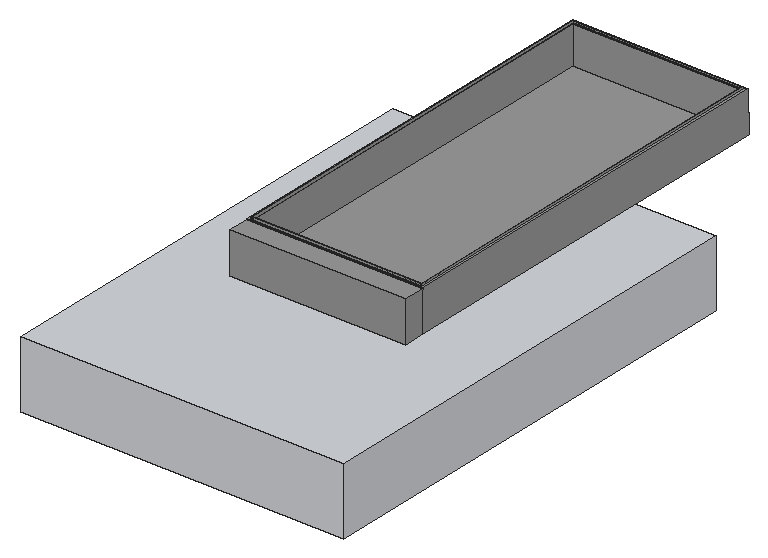
Revit family "Hager-Univers-IP30-D205-H1950-Cl.II-Encl-NoHosted-CH-de", category Equipement électrique, Revit 2020
Family settings
  Hôte = Face
  Configuration du panneau = Deux colonnes, circuits au sein
  Cote de connecteur circulaire = Utiliser le diamètre
  Type d'élément = Tableau de raccordement
  Couper avec des vides une fois chargée = Non
  Partagée = Non
  Point de calcul de pièce = Non
Parameters (values of type "Bodenaufstellung IP30 B800 H1950 T205  - FP23S1N")
  Width Control [instance] = if([EF000008 - Breite] > Min Width, [EF000008 - Breite], Min Width)  # 800 mm
  Commentaires du type = [HG000003 - Bereich]  # "Univers"
  Thickness Door [instance] = if([EF009171 - Materialstärke Tür/Deckel] > 3 mm, 3 mm, [EF009171 - Materialstärke Tür/Deckel])  # 1 mm
  Seal Frame Offset [instance] = 17 mm  # constant formula
  Plinth Visibility [instance] = [HG000027 - Sockelhöhe] > 0 mm  # yes
  Model = ""
  Min Width [instance] = 100 mm  # constant formula
  Min Height [instance] = 100 mm  # constant formula
  Min Depth [instance] = (2 * [EF009170 - Materialstärke Gehäuse]) + 1 mm  # 3 mm
  Internal Frame Depth [instance] = (Door System Depth * 0.5)  # 9 mm
  Height Control [instance] = if([EF000040 - Höhe] > Min Height, [EF000040 - Höhe], Min Height)  # 1950 mm
  HG000027 - Sockelhöhe = 100 mm
  HG000026 - Stehend auf dem Boden = yes
  HG000024 - Höhe des unteren Teils = 800 mm
  HG000023 - Gehäuse mit doppeltem Querschnitt = no
  HG000016 - 3D-Türsichtbarkeit [instance] = yes
  HG000015 - Sichtbarkeit der Türöffnung [instance] = no
  HG000014 - Tür rechts [instance] = yes
  HG000013 - Tür links [instance] = not([HG000014 - Tür rechts])  # no
  HG000012 - Türschwenkwinkel [instance] = 30.00°
  HG000010 - Asymmetrische Türen = no
  HG000009 - Doppelflügeligen Tür = no
  HG000006 - Unterputz = no
  HG000004 - Herstellerreferenz = "FP23S1N"
  HG000003 - Bereich = "Univers"
  HG000002 - Mit tür = no
  Frame Offset Bottom [instance] = 10 mm  # constant formula
  Frame Offset [instance] = 15 mm  # constant formula
  EF015940 - Deckel mit Überdruckentlastung = no
  EF011959 - Schutzart (NEMA) = ""
  EF009554 - Anzahl der Öffnungen für Flanschplatten = 6
  Fabricant = "Hager"  # constant formula
  EF009212 - Ausführung Deckel = "EV009916 - mit Ausschnitt"
  EF009171 - Materialstärke Tür/Deckel = 1 mm
  EF009170 - Materialstärke Gehäuse = 1 mm
  EF008873 - Nennstrom (In) = 400 A
  EF007800 - Geeignet für Blitzschutz = no
  EF006306 - Mit Schloss = no
  EF006244 - Transparenter Deckel/Tür = no
  EF005474 - Schutzart (IP) = "EV006410 - IP30"
  EF004464 - Art der Tür = "EV000494 - ohne"
  EF004427 - Anzahl der Module = 432
  EF004293 - Schlagfestigkeit = "EV006813 - IK07"
  EF003532 - Geeignet für Außengebrauch = no
  EF002950 - Breite in Teilungseinheiten = 36
  EF001613 - Funktionserhalt = "EV000494 - ohne"
  EF001596 - Werkstoff des Gehäuses = "EV000179 - Stahl"
  EF001131 - Innentiefe = 130 mm
  EF001088 - Anbaumöglichkeit = yes
  EF000437 - Anzahl der Leitungseinführungen = 6
  EF000339 - Art der Abdeckung = "EV000494 - ohne"
  EF000266 - Anzahl der Reihen = 12
  EF000218 - Einbautiefe = 0 mm
  EF000118 - Mit Montageplatte = no
  EF000116 - RAL-Nummer = "9010"
  EF000049 - Tiefe = 205 mm
  EF000040 - Höhe = 1950 mm
  EF000008 - Breite = 800 mm
  EF000007 - Farbe = "EV000202 - weiß"
  EF000003 - Montageart = "EV012274 - Bodenaufstellung"
  Door System Leaf Tolerance [instance] = 1.5 mm  # constant formula
  Door System Depth [instance] = 18 mm  # constant formula
  Door Height [instance] = Height Control - [HG000027 - Sockelhöhe]  # 1850 mm
  Depth Control [instance] = if([EF000049 - Tiefe] > Min Depth, [EF000049 - Tiefe], Min Depth)  # 205 mm
  Default Elevation = 0 mm
  Connector Offset [instance] = Height Control / 2  # 975 mm
  Bottom Top Plate Trim [instance] = 1.5 mm  # constant formula
  Plinth height Ctrl [instance] = if([HG000027 - Sockelhöhe] > 0 mm, [HG000027 - Sockelhöhe], 12 mm)  # 100 mm
Types (5, lengths in mm): name | Width Control | HG000004 - Herstellerreferenz | EF009554 - Anzahl der Öffnungen für Flanschplatten | EF008873 - Nennstrom (In) | EF004427 - Anzahl der Module | EF002950 - Breite in Teilungseinheiten | EF000437 - Anzahl der Leitungseinführungen | EF000008 - Breite
  Bodenaufstellung IP30 B1050 H1950 T205  - FP24S1N | 1050 | "FP24S1N" | 8 | 400 A | 576 | 48 | 8 | 1050
  Bodenaufstellung IP30 B1300 H1950 T205  - FP25S1N | 1300 | "FP25S1N" | 10 | 400 A | 720 | 60 | 10 | 1300
  Bodenaufstellung IP30 B300 H1950 T205  - FP21S1N | 300 | "FP21S1N" | 2 | 250 A | 144 | 12 | 2 | 300
  Bodenaufstellung IP30 B550 H1950 T205  - FP22S1N | 550 | "FP22S1N" | 4 | 400 A | 288 | 24 | 4 | 550
  Bodenaufstellung IP30 B800 H1950 T205  - FP23S1N | 800 | "FP23S1N" | 6 | 400 A | 432 | 36 | 6 | 800
Reference planes
  plane 1 "Center (Front/Back)": y = 0
  plane 2: z = 0
  plane 3 "Center (Left/Right)": x = 0
  plane 4: z = 205
  plane 5: y = 101
  plane 6: y = 1025
  plane 7: y = 100
  plane 8: y = 1950
  plane 9: z = 0
  plane 10: x = -385
  plane 11: x = 385
  plane 12: x = 384
  plane 13: x = -384
  plane 14: y = 1949
  plane 15: x = -383
  plane 16: x = -400
  plane 17: x = 383
  plane 18: x = 400
  plane 19: x = 399
  plane 20: x = -399
  plane 21: y = 111
  plane 22: y = 1950
  plane 23: y = 1934
  plane 24: z = 187
  plane 25: z = 1
  plane 26: z = 186
  plane 27: z = 204
Forms (mm)
  Extrusion 1, solid
    sketch origin (0, 0, 0) x (1, 0, 0) y (0, 1, 0)
      loop
        line (-702.964, 1305) -> (-702.964, -811.445) -> (766.763, -811.445) -> (766.763, 1305) -> (-702.964, 1305)
    from 0 to -304.8
  Extrusion 2, solid, material "Hager_Steel_RAL7035_Light_Grey", visible <- "Plinth Visibility", detail levels medium+fine
    sketch origin (0, 0, 0) x (1, 0, 0) y (0, 1, 0)
      loop
        line (-400, 0) -> (400, 0) -> (400, 100) -> (-400, 100) -> (-400, 0)
    from 0 to 187
  Extrusion 3, solid, material "Hager_Steel_RAL7035_Light_Grey", detail levels medium+fine
    sketch origin (0, 0, 0) x (1, 0, 0) y (0, 1, 0)
      loop
        line (-400, 100) -> (400, 100) -> (400, 1950) -> (-400, 1950) -> (-400, 100)
    from 0 to 187
  Extrusion 4, void
    sketch origin (0, 0, 0) x (1, 0, 0) y (0, 1, 0)
      loop
        line (-399, 101) -> (399, 101) -> (399, 1949) -> (-399, 1949) -> (-399, 101)
    from 1 to 186
  Extrusion 5, void
    sketch origin (-381.607, -4572, 187) x (0, -1, 0) y (-1, 0, 0)
      loop
        line (-4683, 2.393) -> (-6506, 2.393) -> (-6506, -765.607) -> (-4683, -765.607) -> (-4683, 2.393)
    from 0 to 1 <- "EF009170 - Materialstärke Gehäuse"
  Extrusion 6, solid, material "Hager_Steel_RAL7035_Light_Grey", detail levels fine
    sketch origin (0, 0, 187) x (1, 0, 0) y (0, 1, 0)
      loop
        line (-384, 1934) -> (-384, 111) -> (384, 111) -> (384, 1934) -> (-384, 1934)
      loop
        line (-385, 110) -> (385, 110) -> (385, 1935) -> (-385, 1935) -> (-385, 110)
    from 0 to 9 <- "Internal Frame Depth"
  Extrusion 7, solid, material "Hager_Steel_RAL7035_Light_Grey", detail levels coarse
    sketch origin (0, 0, 0) x (1, 0, 0) y (0, 1, 0)
      loop
        line (-400, 0) -> (400, 0) -> (400, 1950) -> (-400, 1950) -> (-400, 0)
    from 0 to 205
  Sweep 8, void
    path in 3D
      loop
        line (-400, 100, 0) -> (400, 100, 0) -> (400, 100, 187) -> (-400, 100, 187) -> (-400, 100, 0)
    profile origin (-400, 100, 93.5) x (-1, 0, 0) y (0, -1, 0)
      loop
        line (0, 0) -> (0, 1.5) -> (-1.5, 1.5)
        arc (-1.5, 1.5) -> (-1.061, 0.439) -> (0, 0) r 1.5
Cuts and joins
  Extrusion 4, Extrusion 5 cuts Extrusion 3
  Sweep 8 cuts Extrusion 2
Lines and regions (mm)
  Masking region 1
    outline origin (0, 0, 0) x (1, 0, 0) y (0, 0, 1)
      loop
        line (-400, 205) -> (-400, 0) -> (400, 0) -> (400, 205) -> (-400, 205)
  Masking region 2, detail levels medium+fine
    outline origin (0, 140, 0) x (0, 1, 0) y (0, 0, 1)
      loop
        line (-40, 0) -> (1810, 0) -> (1810, 187) -> (-40, 187) -> (-40, 0)
  Masking region 3, not visible, detail levels medium+fine
    outline origin (0, 297.922, 0) x (0, 1, 0) y (0, 0, 1)
      loop
        line (738.578, 0) -> (778.578, 0) -> (778.578, 194)
        arc (778.578, 194) -> (775.649, 201.071) -> (768.578, 204) r 10
        line (768.578, 204) -> (738.578, 204) -> (738.578, 0)
  Masking region 4, detail levels coarse
    outline origin (0, 0, 180) x (0, 1, 0) y (0, 0, 1)
      loop
        line (0, -180) -> (1950, -180) -> (1950, 25) -> (0, 25) -> (0, -180)
  Masking region 5, visible <- "Plinth Visibility", detail levels medium+fine
    outline origin (0, 52.24, 12.345) x (0, 0, -1) y (0, 1, 0)
      loop
        line (10.845, 47.76) -> (-173.155, 47.76)
        arc (-173.155, 47.76) -> (-173.594, 46.699) -> (-174.655, 46.26) r 1.5
        line (-174.655, 46.26) -> (-174.655, -52.24) -> (12.345, -52.24) -> (12.345, 46.26)
        arc (12.345, 46.26) -> (11.285, 46.699) -> (10.845, 47.76) r 1.5
  Masking region 6, detail levels medium+fine
    outline origin (-381.607, -4572, 187) x (-1, 0, 0) y (0, -1, 0)
      loop
        line (18.393, -6522) -> (18.393, -4672) -> (-781.607, -4672) -> (-781.607, -6522) -> (18.393, -6522)
  Masking region 7, visible <- "Plinth Visibility", detail levels medium+fine
    outline origin (-381.607, -4727, 187) x (-1, 0, 0) y (0, -1, 0)
      loop
        arc (16.893, -4827) -> (17.332, -4825.939) -> (18.393, -4825.5) r 1.5
        line (18.393, -4825.5) -> (18.393, -4727) -> (-781.607, -4727) -> (-781.607, -4825.5)
        arc (-781.607, -4825.5) -> (-780.546, -4825.939) -> (-780.107, -4827) r 1.5
        line (-780.107, -4827) -> (16.893, -4827)
  Masking region 8, detail levels coarse
    outline origin (-442.548, -4669.526, 187) x (-1, 0, 0) y (0, -1, 0)
      loop
        line (-42.548, -6619.526) -> (-42.548, -4669.526) -> (-842.548, -4669.526) -> (-842.548, -6619.526) -> (-42.548, -6619.526)
  sketch lines
    curve 1: line (-400, 100, 187) -> (-400, 100, 0)
    curve 2: line (400, 100, 187) -> (-400, 100, 187)
    curve 3: line (400, 100, 187) -> (400, 100, 0)
    curve 4: line (-400, 100, 0) -> (400, 100, 0)
Dimensions and locks
  "Depth Control": plane 4 to Extrusion 1
  "HG000027 - Sockelhöhe": plane 1 "Center (Front/Back)" to plane 7
  "EF009170 - Materialstärke Gehäuse": plane 5 to plane 7
  locked: connector elem to plane 3 "Center (Left/Right)"
  equal spacing: plane 8, plane 6, plane 7
  locked: connector elem to plane 6
  "EF009170 - Materialstärke Gehäuse": plane 8 to plane 14
  "EF009170 - Materialstärke Gehäuse": plane 10 to plane 13
  "EF009170 - Materialstärke Gehäuse": plane 12 to plane 11
  "Frame Offset": plane 20 to plane 13
  "Frame Offset": plane 12 to plane 19
  "EF009170 - Materialstärke Gehäuse": plane 16 to plane 20
  "EF009170 - Materialstärke Gehäuse": plane 19 to plane 18
  "Seal Frame Offset": plane 16 to plane 15
  "Seal Frame Offset": plane 17 to plane 18
  "Frame Offset Bottom": plane 21 to plane 5
  "Frame Offset": plane 14 to plane 23
  equal spacing: plane 16, plane 3 "Center (Left/Right)", plane 18
  "Width Control": plane 16 to plane 18
  "EF009170 - Materialstärke Gehäuse": plane 4 to plane 27
  "EF009170 - Materialstärke Gehäuse": plane 24 to plane 26
  "EF009170 - Materialstärke Gehäuse": plane 25 to level
  "Door System Depth": plane 4 to plane 24
  "Height Control": plane 1 "Center (Front/Back)" to Extrusion 7 sketch curve
  "Height Control": Masking region 4 sketch curve to plane 1 "Center (Front/Back)"
  "Height Control": plane 1 "Center (Front/Back)" to plane 22
  "Bottom Top Plate Trim": profile plane to Sweep 8 sketch curve
  "Bottom Top Plate Trim": Sweep 8 sketch curve to profile plane
  "Plinth height Ctrl": plane 1 "Center (Front/Back)" to Extrusion 2 sketch curve
  "Plinth height Ctrl": Masking region 5 sketch curve to plane 1 "Center (Front/Back)"
  "Plinth height Ctrl": plane 1 "Center (Front/Back)" to Masking region 7 sketch curve
  "Thickness Door": Extrusion 6 sketch curve to Extrusion 6 sketch curve  (x3)
  "Thickness Door": cut or joined group of Extrusion 3, Extrusion 4, Extrusion 5 to Extrusion 6 sketch curve
  radius of Masking region 3 sketch curve = 10 mm
  "Bottom Top Plate Trim": radius of Masking region 5 sketch curve  (x2)
  "Bottom Top Plate Trim": radius of Sweep 8 sketch curve
  "Bottom Top Plate Trim": radius of Masking region 7 sketch curve  (x2)
  aligned and locked: plane 2 to Extrusion 1
  aligned and locked: level to Extrusion 1
  aligned and locked: level to Masking region 1 sketch curve
  aligned and locked: Masking region 1 sketch curve to plane 18
  aligned and locked: Masking region 1 sketch curve to plane 16
  aligned and locked: plane 7 to Masking region 2 sketch curve
  aligned and locked: level to Masking region 3 sketch curve
  aligned and locked: Masking region 3 sketch curve to plane 27
  aligned and locked: level to Masking region 2 sketch curve
  aligned and locked: plane 1 "Center (Front/Back)" to Extrusion 2 sketch curve
  aligned and locked: Extrusion 3 sketch curve to plane 7
  aligned and locked: plane 16 to Extrusion 3 sketch curve
  aligned and locked: plane 18 to Extrusion 3 sketch curve
  aligned and locked: plane 20 to Extrusion 4 sketch curve
  aligned and locked: plane 19 to Extrusion 4 sketch curve
  aligned and locked: Extrusion 4 sketch curve to plane 5
  aligned and locked: Extrusion 4 to plane 25
  aligned and locked: plane 26 to Extrusion 4
  aligned and locked: plane 24 to Extrusion 3
  aligned and locked: Extrusion 5 sketch curve to plane 21
  aligned and locked: Extrusion 5 sketch curve to plane 13
  aligned and locked: Extrusion 5 sketch curve to plane 12
  aligned and locked: plane 18 to Extrusion 7 sketch curve
  aligned and locked: plane 1 "Center (Front/Back)" to Extrusion 7 sketch curve
  aligned and locked: plane 16 to Extrusion 7 sketch curve
  aligned and locked: plane 4 to Extrusion 7
  aligned and locked: Extrusion 7 to level
  aligned and locked: level to Masking region 4 sketch curve
  aligned and locked: Masking region 4 sketch curve to plane 1 "Center (Front/Back)"
  aligned and locked: Masking region 4 sketch curve to plane 4
  aligned and locked: nested 1 to level
  aligned and locked: nested 1 to plane 16
  aligned and locked: plane 8 to Extrusion 3 sketch curve
  aligned and locked: plane 23 to Extrusion 5 sketch curve
  aligned and locked: plane 14 to Extrusion 4 sketch curve
  aligned and locked: Masking region 2 sketch curve to plane 8
  aligned and locked: level to Masking region 5 sketch curve
  aligned and locked: plane 16 to Extrusion 2 sketch curve
  aligned and locked: plane 18 to Extrusion 2 sketch curve
  aligned and locked: Masking region 5 sketch curve to plane 24
  aligned and locked: Masking region 2 sketch curve to plane 24
  aligned and locked: plane 24 to Extrusion 2
  aligned and locked: profile plane to Sweep 8 sketch curve  (x2)
  aligned and locked: Masking region 6 sketch curve to plane 18
  aligned and locked: Masking region 6 sketch curve to plane 22
  aligned and locked: Masking region 6 sketch curve to plane 16
  aligned and locked: plane 8 to plane 22
  aligned and locked: Masking region 6 sketch curve to plane 7
  aligned and locked: Masking region 7 sketch curve to plane 16
  aligned and locked: Masking region 7 sketch curve to plane 1 "Center (Front/Back)"
  aligned and locked: Masking region 7 sketch curve to plane 18
  aligned and locked: Masking region 8 sketch curve to plane 1 "Center (Front/Back)"
  aligned and locked: Masking region 8 sketch curve to plane 18
  aligned and locked: Masking region 8 sketch curve to plane 22
  aligned and locked: Masking region 8 sketch curve to plane 16
  aligned and locked: nested 2 to plane 7
  aligned and locked: plane 3 "Center (Left/Right)" to nested 2
  aligned and locked: nested 2 to plane 24
  aligned and locked: Extrusion 6 sketch curve to cut or joined group of Extrusion 3, Extrusion 4, Extrusion 5  (x4)
Automatic sketch dimensions
  Extrusion 1 sketch curve to Extrusion 1 sketch curve = 1469.727 mm
  Extrusion 1 sketch curve to Extrusion 1 sketch curve = 2116.445 mm
  Masking region 1 sketch curve to plane 4 = 0 mm
  plane 6 to Masking region 3 sketch curve = 11.5 mm
  Masking region 3 sketch curve to Masking region 3 sketch curve = 30 mm
  Masking region 5 sketch curve to plane 1 "Center (Front/Back)" = 0 mm
Nested families
  nested 1: "Hager_Enclosure_Symbol" at (-400, 0, 0) x (1, 0, 0) z (0, -1, 0), Height <- "Depth Control", Width <- "Width Control", type "Hager_Enclosure_Symbol"
    with Width_Ctrl 800 mm, Width 800 mm, Height_Ctrl 205 mm, Height 205 mm, A_Width_Int 13.453 mm, A_Width 161.438 mm, A_Height_Ctrl 179.375 mm, A_Height 179.375 mm
  nested 2: "EC000058_Univers_Door" at (0, 100, 187) x (1, 0, 0) z (0, 1, 0), Leaf_Tolerance <- "Door System Leaf Tolerance", Angle <- "HG000012 - Türschwenkwinkel", Door_Depth <- "Door System Depth", Door_Left <- "HG000013 - Tür links", Transparent <- "EF006244 - Transparenter Deckel/Tür", Assymetrical <- "HG000010 - Asymmetrische Türen", Width <- "Width Control", Clearance <- "HG000015 - Sichtbarkeit der Türöffnung", Double <- "HG000009 - Doppelflügeligen Tür", 3d_Door <- "HG000016 - 3D-Türsichtbarkeit", Lock_Visibility <- "EF006306 - Mit Schloss", Width_Ctrl <- "Width Control", Door_Right <- "HG000014 - Tür rechts", Door <- "HG000002 - Mit tür", Height <- "Door Height", Thickness <- "Thickness Door", type "EC000058_Univers_Door", detail levels medium+fine
    with min_wh 3 mm, Width_Ctrl 800 mm, Width 800 mm, Transparent no, Thickness 1 mm, Seal_Material Hager_Rubber, Lock_Visibility no, Lock_Material Hager_Plastic_RAL9005_Jet_Black, Leaf_Width 800 mm, Leaf_Tolerance_External_Sides 0 mm, Leaf_Tolerance 1.5 mm, Leaf_Offset 0 mm, Leaf_Height 1847 mm, Leaf_2_Width 800 mm, Leaf_2_Offset 400 mm, Leaf_1_Width 800 mm, Leaf_1_Offset 400 mm, Height_Ctrl 1850 mm, Height 1850 mm, Glass_Material Hager_Glass, Double_Clearance_Ctrl no, Double no, Door_Right_Ctrl no, Door_Right yes, Door_Material Hager_Steel_RAL7035_Light_Grey, Door_Left_Ctrl no, Door_Left no, Door_Depth 18 mm, Door no, Clearance_Material Hager_Clearance, Clearance_Depth 800 mm, Clearance_Ctrl no, Clearance no, Assymetrical no, Angle 30.00°, 3d_Door yes
Connectors
  electrical at (0, 1025, 0)
    settings: on plane 9, index 1, voltage 0 V, apparent load 0 VA, apparent load phase1 0 VA, apparent load phase2 0 VA, apparent load phase3 0 VA, power factor 1, load classification "Other", number of poles 1, system type 30, power factor state 1, is connector primary yes, connector utility no, sub classification motor no, connector description ""
Definition of nested family "Hager_Enclosure_Symbol"
  Parameters (values of type "Hager_Enclosure_Symbol")
    Width_Ctrl [instance] = if(Width > 1 mm, Width, 1 mm)  # 102.27 mm
    Width [instance] = 102.27 mm
    Height_Ctrl [instance] = if(Height > 1 mm, Height, 1 mm)  # 66.5 mm
    A_Width_Int [instance] = if(A_Width / 12 > 2 mm, A_Width / 12, 2 mm)  # 4.364 mm
    A_Width [instance] = if(A_Height_Ctrl * 0.9 > 2 mm, A_Height_Ctrl * 0.9, 2 mm)  # 52.369 mm
    A_Height_Ctrl [instance] = if(A_Height > 2 mm, A_Height, 2 mm)  # 58.188 mm
    Height [instance] = 66.5 mm
    A_Height [instance] = Height - (Height / 8)  # 58.188 mm
  Reference planes
    plane 1 "Centre (avant/arrière)": y = 0
    plane 2: z = 0
    plane 3 "Centre (gauche/droite)": x = 0
    plane 4: x = 52.369
    plane 5: y = 33.042
    plane 6: y = 41.77
    plane 7: y = 66.5
    plane 8: x = 26.184
    plane 9: y = 37.406
    plane 10: x = 102.27
    plane 11: y = 66.5
    plane 12: y = 8.313
  Lines and regions (mm)
    Filled region 1, type "Solid_Black", in view "Niveau de réf."
      outline origin (0, 0, 0) x (1, 0, 0) y (0, 1, 0)
        loop
          line (52.369, 66.5) -> (33.188, 54.536) -> (45.365, 45.006) -> (52.369, 66.5)
    Filled region 2, type "Solid_Black", in view "Niveau de réf."
      outline origin (0, 0, 0) x (1, 0, 0) y (0, 1, 0)
        loop
          line (0, 0) -> (102.27, 0) -> (102.27, 66.5) -> (0, 0)
    detail lines, in view "Niveau de réf."
      curve 1: line (0, 8.313, 0) -> (26.184, 41.77, 0)
      curve 2: line (26.184, 41.77, 0) -> (26.184, 33.042, 0)
      curve 3: line (26.184, 33.042, 0) -> (52.369, 66.5, 0)
  Dimensions and locks
    "A_Width": plane 3 "Centre (gauche/droite)" to plane 4
    equal spacing: plane 3 "Centre (gauche/droite)", plane 8, plane 4
    equal spacing: plane 6, plane 9, plane 5
    equal spacing: curve 3, Filled region 1 sketch curve, Filled region 1 sketch curve
    "Height_Ctrl": plane 1 "Centre (avant/arrière)" to plane 11
    "A_Height_Ctrl": plane 11 to plane 12
    equal spacing: plane 11, plane 9, plane 12
    "A_Width_Int": plane 6 to plane 9
    "Width_Ctrl": plane 3 "Centre (gauche/droite)" to plane 10
    angle Filled region 1 sketch curve to curve 3 = 20.00°
    angle curve 3 to Filled region 1 sketch curve = 20.00°
    locked: curve 3 to Filled region 1 sketch curve (angle 90.00°)
    aligned and locked: plane 10 to Filled region 2
    aligned and locked: plane 11 to Filled region 2 sketch curve
    aligned and locked: plane 10 to Filled region 2 sketch curve
    aligned and locked: plane 3 "Centre (gauche/droite)" to curve 1
    aligned and locked: plane 12 to curve 1
    aligned and locked: plane 7 to plane 11
  Automatic sketch dimensions
    Filled region 1 sketch curve to plane 4 = 0 mm
    Filled region 1 sketch curve to plane 7 = 0 mm
    plane 1 "Centre (avant/arrière)" to Filled region 2 sketch curve = 0 mm
    Filled region 2 sketch curve to plane 3 "Centre (gauche/droite)" = 0 mm
    curve 2 to plane 6 = 0 mm
    curve 2 to plane 8 = 0 mm
    curve 3 to plane 4 = 0 mm
    curve 2 to plane 5 = 0 mm
    curve 3 to plane 7 = 0 mm
Definition of nested family "EC000058_Univers_Door"
  Parameters (values of type "EC000058_Univers_Door")
    min_wh [instance] = (2 * Thickness) + 1 mm  # 11 mm
    Width_Ctrl [instance] = 400 mm
    Width [instance] = 500 mm
    Transparent [instance] = yes
    Thickness [instance] = 5 mm
    Seal_Material [instance] = none
    Lock_Visibility [instance] = yes
    Lock_Material [instance] = none
    Leaf_Width [instance] = if((Width_Ctrl - 2 * Leaf_Tolerance_External_Sides) > 0 mm, (Width_Ctrl - 2 * Leaf_Tolerance_External_Sides), min_wh)  # 400 mm
    Leaf_Tolerance_External_Sides [instance] = 0 mm  # constant formula
    Leaf_Tolerance [instance] = 1.5 mm
    Leaf_Offset [instance] = 0 mm  # constant formula
    Leaf_Height [instance] = if((Height_Ctrl - 2 * Leaf_Tolerance) > 0 mm, (Height_Ctrl - 2 * Leaf_Tolerance), min_wh)  # 497 mm
    Leaf_2_Width [instance] = if(and(and(Double, Assymetrical), Door_Left), (Leaf_Width / 3) - (Leaf_Tolerance / 2), if(and(and(Double, Assymetrical), Door_Right), (Leaf_Width / 3) * 2 - (Leaf_Tolerance / 2), if(and(Double, not(Assymetrical)), (Leaf_Width / 2) - Leaf_Tolerance, Leaf_Width)))  # 400 mm
    Leaf_2_Offset [instance] = if(and(Double, Assymetrical), Leaf_2_Width / 2, if(and(Double, not(Assymetrical)), Leaf_Width / 4, Leaf_Width / 2))  # 200 mm
    Leaf_1_Width [instance] = if(and(and(Double, Assymetrical), Door_Right), (Leaf_Width / 3) - (Leaf_Tolerance / 2), if(and(and(Double, Assymetrical), Door_Left), (Width / 3) * 2 - (Leaf_Tolerance / 2), if(and(Double, not(Assymetrical)), (Leaf_Width / 2) - Leaf_Tolerance, Leaf_Width)))  # 400 mm
    Leaf_1_Offset [instance] = if(and(Double, Assymetrical), Leaf_1_Width / 2, if(and(Double, not(Assymetrical)), Leaf_Width / 4, Leaf_Width / 2))  # 200 mm
    Height_Ctrl [instance] = if(Height > min_wh, Height, min_wh)  # 500 mm
    Height [instance] = 500 mm
    Glass_Material [instance] = none
    Double_Clearance_Ctrl [instance] = and(Double, Clearance)  # no
    Double [instance] = no
    Door_Right_Ctrl [instance] = and(or(Door_Right, Double), Door)  # yes
    Door_Right [instance] = yes
    Door_Material [instance] = none
    Door_Left_Ctrl [instance] = and(or(Door_Left, Double), Door)  # no
    Door_Left [instance] = no
    Door_Depth [instance] = 30 mm
    Door [instance] = yes
    Default Elevation = 1219.2 mm
    Clearance_Material [instance] = none
    Clearance_Depth [instance] = if(Leaf_1_Width > Leaf_2_Width, Leaf_1_Width, Leaf_2_Width)  # 400 mm
    Clearance_Ctrl [instance] = and(not(Double), Clearance)  # yes
    Clearance [instance] = yes
    Assymetrical [instance] = yes
    Angle [instance] = 30.00°
    3d_Door [instance] = yes
  Reference planes
    plane 1 "Center (Front/Back)": y = 0
    plane 2 "Bottom": z = 0
    plane 3 "Center (Left/Right)": x = 0
    plane 4: z = 500
    plane 5: x = -200
    plane 6: x = 200
    plane 7: z = 500
    plane 8: x = -200
    plane 9: z = 0
    plane 10: x = 200
    plane 11: y = 0
    plane 12: z = 1.5
    plane 13: x = -600
    plane 14: y = -400
    plane 15: x = 600
    plane 16: x = 0
    plane 17: x = 0
    plane 18: x = -200
    plane 19: x = 200
    plane 20: z = 498.5
  Forms (mm)
    Extrusion 1, solid, material <- "Clearance_Material", visible <- "Double_Clearance_Ctrl"
      sketch origin (1200, 0, 0) x (1, 0, 0) y (0, 0, -1)
        loop
          line (-1800, -498.5) -> (-600, -498.5) -> (-600, 0) -> (-1800, 0) -> (-1800, -498.5)
      from 0 to -400
  Dimensions and locks
    equal spacing: plane 5, plane 3 "Center (Left/Right)", plane 6
    "Width_Ctrl": plane 5 to plane 6
    "Leaf_Offset": plane 5 to plane 8
    "Leaf_Offset": plane 6 to plane 10
    "Leaf_Offset": plane 9 to level
    "Leaf_Offset": plane 4 to plane 7
    "Height_Ctrl": plane 4 to level
    "Leaf_Tolerance": plane 12 to plane 9
    locked: plane 11 to plane 1 "Center (Front/Back)"
    "Leaf_1_Offset": plane 18 to plane 16
    "Leaf_2_Offset": plane 17 to plane 19
    "Leaf_1_Width": plane 13 to plane 8
    "Leaf_2_Width": plane 10 to plane 15
    "Clearance_Depth": plane 14 to plane 1 "Center (Front/Back)"
    "Leaf_Tolerance_External_Sides": plane 8 to plane 18
    "Leaf_Tolerance_External_Sides": plane 19 to plane 10
    "Leaf_Tolerance": plane 7 to plane 20
    aligned and locked: level to plane 2 "Bottom"
    aligned and locked: nested 1 to plane 16
    aligned and locked: nested 2 to plane 17
    aligned and locked: Extrusion 1 to plane 13
    aligned and locked: plane 15 to Extrusion 1
    aligned and locked: Extrusion 1 to plane 14
    aligned and locked: plane 12 to nested 1
    aligned and locked: nested 2 to plane 12
    aligned and locked: Extrusion 1 to plane 11
    aligned and locked: plane 20 to Extrusion 1
    aligned and locked: nested 2 to plane 11
    aligned and locked: nested 1 to plane 11
  Automatic sketch dimensions
    Extrusion 1 sketch curve to level = 0 mm
    plane 5 to Extrusion 1 sketch curve = 400 mm
    plane 6 to Extrusion 1 sketch curve = 400 mm
    Extrusion 1 sketch curve to plane 4 = 1.5 mm
  Nested families
    nested 1: "EC000058_Univers_Door_Leaf" at (0, 0, 1.5), Width <- "Leaf_1_Width", visible <- "Door_Left_Ctrl", Leaf_Height <- "Leaf_Height", Angle <- "Angle", 3d_Door <- "3d_Door", Transparent <- "Transparent", Clearance Material <- "Clearance_Material", Clearance <- "Clearance_Ctrl", Door_Material <- "Door_Material", Glass_Material <- "Glass_Material", Door_Depth <- "Door_Depth", Lock_Material <- "Lock_Material", Seal_Material <- "Seal_Material", Lock_Visibility <- "Lock_Visibility", Thickness <- "Thickness", type "EC000058_Univers_Door_Leaf"
      with Width 400 mm, Transparent_Glass_Offset 30 mm, Transparent_Ctrl yes, Transparent yes, Thickness 5 mm, Standard no, Seal_Material none, Seal_D2 8 mm, Seal_D1 1 mm, Offset_Internal_Frame 10 mm, Lock_Width 20 mm, Lock_Visibility_3d yes, Lock_Visibility yes, Lock_Thickness_3 3 mm, Lock_Thickness_2 1 mm, Lock_Thickness_1 3 mm, Lock_Radius_Offset_2 16 mm, Lock_Radius_Offset_1 15 mm, Lock_Radius_2 5 mm, Lock_Radius 6 mm, Lock_Offset 5 mm, Lock_Material none, Lock_Height 80 mm, Lock_Cover_Top_Offset_2d 17 mm, Lock_Cover_Height -65 mm, Leaf_Height 497 mm, Internal_Seal_Thickness 8 mm, Internal_Seal_Depth_2 4.5 mm, Internal_Frame_Depth 25 mm, Glass_Thickness -1 mm, Glass_Offset -2 mm, Glass_Material none, Door_Material none, Door_Depth 30 mm, Clearance Material none, Clearance yes, Angle_Ctrl 30.00°, Angle 30.00°, 3d_Door yes
    nested 2: "EC000058_Univers_Door_Leaf" at (0, 0, 1.5) x (-1, 0, 0) z (0, 0, 1), Width <- "Leaf_2_Width", visible <- "Door_Right_Ctrl", Leaf_Height <- "Leaf_Height", Angle <- "Angle", 3d_Door <- "3d_Door", Transparent <- "Transparent", Clearance Material <- "Clearance_Material", Clearance <- "Clearance_Ctrl", Door_Material <- "Door_Material", Glass_Material <- "Glass_Material", Door_Depth <- "Door_Depth", Lock_Material <- "Lock_Material", Seal_Material <- "Seal_Material", Lock_Visibility <- "Lock_Visibility", Thickness <- "Thickness", type "EC000058_Univers_Door_Leaf"
      with Width 400 mm, Transparent_Glass_Offset 30 mm, Transparent_Ctrl yes, Transparent yes, Thickness 5 mm, Standard no, Seal_Material none, Seal_D2 8 mm, Seal_D1 1 mm, Offset_Internal_Frame 10 mm, Lock_Width 20 mm, Lock_Visibility_3d yes, Lock_Visibility yes, Lock_Thickness_3 3 mm, Lock_Thickness_2 1 mm, Lock_Thickness_1 3 mm, Lock_Radius_Offset_2 16 mm, Lock_Radius_Offset_1 15 mm, Lock_Radius_2 5 mm, Lock_Radius 6 mm, Lock_Offset 5 mm, Lock_Material none, Lock_Height 80 mm, Lock_Cover_Top_Offset_2d 17 mm, Lock_Cover_Height -65 mm, Leaf_Height 497 mm, Internal_Seal_Thickness 8 mm, Internal_Seal_Depth_2 4.5 mm, Internal_Frame_Depth 25 mm, Glass_Thickness -1 mm, Glass_Offset -2 mm, Glass_Material none, Door_Material none, Door_Depth 30 mm, Clearance Material none, Clearance yes, Angle_Ctrl 30.00°, Angle 30.00°, 3d_Door yes
  Definition of nested family "EC000058_Univers_Door_Leaf"
    Parameters (values of type "EC000058_Univers_Door_Leaf")
      Width [instance] = 2000 mm
      Transparent_Glass_Offset [instance] = 30 mm
      Transparent_Ctrl [instance] = and(Transparent, [3d_Door])  # yes
      Transparent [instance] = yes
      Thickness [instance] = 5 mm
      Standard [instance] = and(not(Transparent), [3d_Door])  # no
      Seal_Material [instance] = none
      Seal_D2 [instance] = 8 mm  # constant formula
      Seal_D1 [instance] = 1 mm  # constant formula
      Offset_Internal_Frame [instance] = 10 mm  # constant formula
      Lock_Width [instance] = 20 mm  # constant formula
      Lock_Visibility_3d [instance] = and(Lock_Visibility, [3d_Door])  # yes
      Lock_Visibility [instance] = yes
      Lock_Thickness_3 [instance] = 3 mm  # constant formula
      Lock_Thickness_2 [instance] = 1 mm  # constant formula
      Lock_Thickness_1 [instance] = 3 mm  # constant formula
      Lock_Radius_Offset_2 [instance] = Lock_Radius_Offset_1 + 1 mm  # 16 mm
      Lock_Radius_Offset_1 [instance] = 15 mm  # constant formula
      Lock_Radius_2 [instance] = Lock_Radius - 1 mm  # 5 mm
      Lock_Radius [instance] = 6 mm  # constant formula
      Lock_Offset [instance] = 5 mm  # constant formula
      Lock_Material [instance] = none
      Lock_Height [instance] = 80 mm  # constant formula
      Lock_Cover_Top_Offset_2d [instance] = Lock_Radius_Offset_2 + 1 mm  # 17 mm
      Lock_Cover_Height [instance] = -(Lock_Height - Lock_Radius_Offset_1)  # -65 mm
      Leaf_Height [instance] = 2720.336 mm
      Internal_Seal_Thickness [instance] = 8 mm  # constant formula
      Internal_Seal_Depth_2 [instance] = 4.5 mm  # constant formula
      Internal_Frame_Depth [instance] = if(Door_Depth - Thickness > 5 mm, Door_Depth - Thickness, 5 mm)  # 25 mm
      Glass_Thickness [instance] = if(Thickness > 15 mm, Glass_Offset + 10 mm, -1 mm)  # -1 mm
      Glass_Offset [instance] = if(Thickness > 15 mm, -(Thickness + 10 mm) / 2, -2 mm)  # -2 mm
      Glass_Material [instance] = none
      Door_Material [instance] = none
      Door_Depth [instance] = 30 mm
      Default Elevation = 0 mm
      Clearance Material [instance] = none
      Clearance [instance] = yes
      Angle_Ctrl [instance] = if(Angle > 180.00°, 180.00°, Angle)  # 90.00°
      Angle [instance] = 90.00°
      3d_Door [instance] = yes
    Reference planes
      plane 1 "Center (Front/Back)": y = 0
      plane 2: z = 0
      plane 3 "Center (Left/Right)": x = 0
      plane 4: y = 2000
      plane 5: x = -1000
      plane 6: x = 1000
      plane 7: x = -3000
      plane 8: z = 2720.336
      plane 9: z = 30
      plane 10: z = 2690.336
      plane 11: x = 970
      plane 12: x = -970
      plane 13: y = -3
      plane 14: z = 107.833
      plane 15: y = -5
      plane 16: y = -223.314
      plane 17: x = -1000
      plane 18: z = 1360.168
      plane 19: y = 30
    Forms (mm)
      Extrusion 1, solid, material <- "Clearance Material", visible <- "Clearance"
        sketch origin (0, 0, 0) x (1, 0, 0) y (0, 0, 1)
          loop
            line (-3000, 2720.336) -> (-3000, 0) -> (1000, 0) -> (1000, 2720.336) -> (-3000, 2720.336)
        from 0 to -2000
      Extrusion 2, solid, material <- "Door_Material", visible <- "Standard", detail levels medium+fine
        sketch origin (-1000, 0, 0) x (0, 1, 0) y (-1, 0, 0)
          loop
            line (0, 30) -> (0, 25) -> (2000, 25) -> (2000, 30) -> (0, 30)
        from 0 to 2720.336 <- "Leaf_Height"
      Extrusion 3, solid, material <- "Door_Material", visible <- "Transparent_Ctrl", detail levels medium+fine
        sketch origin (-1000, 0, 0) x (0, 1, 0) y (-1, 0, 0)
          loop
            line (0, 25) -> (2000, 25) -> (2000, 30) -> (0, 30) -> (0, 25)
        from 0 to 2720.336 <- "Leaf_Height"
      Extrusion 4, void
        sketch origin (-1025, 2000, 0) x (0, 1, 0) y (0, 0, -1)
          loop
            line (-30, -2690.336) -> (-30, -30) -> (-1970, -30) -> (-1970, -2690.336) -> (-30, -2690.336)
        from 0 to 5 <- "Thickness"
      Sweep 5, solid, material <- "Seal_Material", visible <- "Transparent_Ctrl", detail levels fine
        path in 3D
          loop
            line (-1025, 30, 30) -> (-1025, 30, 2690.336) -> (-1025, 1970, 2690.336) -> (-1025, 1970, 30) -> (-1025, 30, 30)
        profile origin (-1025, 1000, 30) x (1, 0, 0) y (0, 0, 1)
          loop
            line (0, 0) -> (0, -8) -> (1, -8) -> (1, 0) -> (0, 0)
      Extrusion 6, solid, material <- "Glass_Material", visible <- "Transparent_Ctrl", detail levels medium+fine
        sketch origin (-1030, 0, 0) x (0, 1, 0) y (0, 0, -1)
          loop
            line (1970, -2690.336) -> (1970, -30) -> (30, -30) -> (30, -2690.336) -> (1970, -2690.336)
        from -2 <- "Glass_Offset" to -1 <- "Glass_Thickness"
      Extrusion 7, solid, material <- "Door_Material", visible <- "3d_Door", detail levels medium+fine
        sketch origin (-1025, 2000, 0) x (0, -1, 0) y (0, 0, -1)
          loop
            line (0, -2720.336) -> (2000, -2720.336) -> (2000, 0) -> (0, 0) -> (0, -2720.336)
          loop
            line (1995, -5) -> (5, -5) -> (5, -2715.336) -> (1995, -2715.336) -> (1995, -5)
        from 0 to 25 <- "Internal_Frame_Depth"
      Sweep 8, solid, material <- "Seal_Material", visible <- "Transparent_Ctrl", detail levels fine
        path in 3D
          loop
            line (-1025, 0, 0) -> (-1025, 2000, 0) -> (-1025, 2000, 2720.336) -> (-1025, 0, 2720.336) -> (-1025, 0, 0)
        profile origin (-1025, 0, 1360.168) x (1, 0, 0) y (0, 1, 0)
          loop
            line (0, 10) -> (2.975, 10)
            arc (2.975, 10) -> (4.053, 10.447) -> (4.5, 11.525) r 1.525
            line (4.5, 11.525) -> (4.5, 16.527)
            arc (4.5, 16.527) -> (4.069, 17.569) -> (3.027, 18) r 1.473
            line (3.027, 18) -> (0, 18) -> (0, 10)
      Extrusion 9, solid, material <- "Lock_Material", visible <- "Lock_Visibility_3d", detail levels fine
        sketch origin (-1030, 0, 0) x (0, 1, 0) y (0, 0, -1)
          loop
            arc (1993.5, -1400.168) -> (1994.561, -1399.729) -> (1995, -1398.668) r 1.5
            line (1995, -1398.668) -> (1995, -1320.168) -> (1975, -1320.168) -> (1975, -1398.668)
            arc (1975, -1398.668) -> (1975.439, -1399.729) -> (1976.5, -1400.168) r 1.5
            line (1976.5, -1400.168) -> (1993.5, -1400.168)
        from 3 <- "Lock_Thickness_1" to 0
      Blend 10, solid, material <- "Lock_Material", visible <- "Lock_Visibility_3d", detail levels fine
        base sketch origin (-1033, 0, 0) x (0, 1, 0) y (0, 0, -1)
          loop
            line (1975, -1320.168) -> (1975, -1398.668)
            arc (1975, -1398.668) -> (1975.439, -1399.729) -> (1976.5, -1400.168) r 1.5
            line (1976.5, -1400.168) -> (1993.5, -1400.168)
            arc (1993.5, -1400.168) -> (1994.561, -1399.729) -> (1995, -1398.668) r 1.5
            line (1995, -1398.668) -> (1995, -1320.168) -> (1975, -1320.168)
        top sketch origin (-1033, 0, 0) x (0, 1, 0) y (0, 0, -1)
          loop
            line (1976, -1320.168) -> (1976, -1398.668)
            arc (1976, -1398.668) -> (1976.146, -1399.022) -> (1976.5, -1399.168) r 0.5
            line (1976.5, -1399.168) -> (1993.5, -1399.168)
            arc (1993.5, -1399.168) -> (1993.854, -1399.022) -> (1994, -1398.668) r 0.5
            line (1994, -1398.668) -> (1994, -1320.168) -> (1976, -1320.168)
        from 0 to 1 <- "Lock_Thickness_2"
      Blend 11, solid, material <- "Lock_Material", visible <- "Lock_Visibility_3d", detail levels fine
        base sketch origin (-1034, 0, 0) x (0, 1, 0) y (0, 0, -1)
          loop
            line (1978, -1320.168) -> (1978, -1384.168)
            arc (1978, -1384.168) -> (1985, -1391.168) -> (1992, -1384.168) r 7
            line (1992, -1384.168) -> (1992, -1320.168) -> (1978, -1320.168)
        top sketch origin (-1034, 0, 0) x (0, 1, 0) y (0, 0, -1)
          loop
            line (1991, -1320.168) -> (1979, -1320.168) -> (1979, -1383.168)
            arc (1979, -1383.168) -> (1985, -1389.168) -> (1991, -1383.168) r 6
            line (1991, -1383.168) -> (1991, -1320.168)
        from 0 to 3 <- "Lock_Thickness_3"
      Extrusion 12, solid, material <- "Lock_Material", visible <- "Lock_Visibility_3d", detail levels fine
        sketch origin (-1030, 1975, 1320.168) x (1, 0, 0) y (0, -1, 0)
          loop
            line (-7, -19) -> (-7, -1) -> (0, -1) -> (0, 0) -> (-8, 0) -> (-8, -20) -> (0, -20) -> (0, -19) -> (-7, -19)
        from 0 to -65 <- "Lock_Cover_Height"
      Extrusion 13, void
        sketch origin (-1038, 1995, 1320.168) x (-1, 0, 0) y (0, 0, -1)
          loop
            line (-5, -65) -> (0, -65) -> (-5, -60) -> (-5, -65)
        from 0 to 20 <- "Lock_Width"
      Extrusion 14, void
        sketch origin (-1038, 1975, 1320.168) x (0, -1, 0) y (0, 0, -1)
          loop
            circle (-10, -15.995) r 6
          loop
            circle (-10, -15.995) r 5
        from 0 to 2
      Extrusion 15, solid, material <- "Lock_Material", visible <- "Lock_Visibility_3d", detail levels medium
        sketch origin (-1030, 0, 0) x (0, 1, 0) y (0, 0, -1)
          loop
            arc (1993.5, -1400.168) -> (1994.561, -1399.729) -> (1995, -1398.668) r 1.5
            line (1995, -1398.668) -> (1995, -1320.168) -> (1975, -1320.168) -> (1975, -1398.668)
            arc (1975, -1398.668) -> (1975.439, -1399.729) -> (1976.5, -1400.168) r 1.5
            line (1976.5, -1400.168) -> (1993.5, -1400.168)
        from 8 to 0
    Cuts and joins
      Extrusion 4 cuts Extrusion 3
      Extrusion 13, Extrusion 14 cuts Extrusion 9
      Extrusion 14 cuts Blend 11
      Extrusion 13, Extrusion 14 cuts Extrusion 12
      joined: Extrusion 9, Blend 10, Blend 11, Extrusion 12
      Extrusion 14 cuts Extrusion 15
    Lines and regions (mm)
      Masking region 1, visible <- "Lock_Visibility", detail levels fine
        outline origin (0, 0, 0) x (0, 1, 0) y (0, 0, 1)
          loop
            line (30, 1320.168) -> (33, 1320.168) -> (33, 1400.168) -> (30, 1400.168) -> (30, 1320.168)
      Masking region 2, visible <- "Lock_Visibility", detail levels fine
        outline origin (0, 3.143, 0) x (0, 1, 0) y (0, 0, 1)
          loop
            line (29.857, 1354.168) -> (30.857, 1354.168) -> (30.857, 1366.168) -> (29.857, 1366.168) -> (29.857, 1354.168)
      Masking region 3, detail levels medium+fine
        outline origin (0, 0, 0) x (0, 1, 0) y (0, 0, 1)
          loop
            line (0, 0) -> (30, 0) -> (30, 2720.336) -> (0, 2720.336) -> (0, 0)
      Masking region 4, detail levels medium+fine
        outline origin (0, 0, 0) x (1, 0, 0) y (0, 0, 1)
          loop
            line (-1000, 2720.336) -> (-1000, 0) -> (1000, 0) -> (1000, 2720.336) -> (-1000, 2720.336)
      Masking region 5, visible <- "Lock_Visibility", detail levels fine
        outline origin (-47.116, 0, 0) x (1, 0, 0) y (0, 0, 1)
          loop
            arc (1024.616, 1399.168) -> (1023.556, 1398.729) -> (1023.116, 1397.668) r 1.5
            line (1023.116, 1397.668) -> (1023.116, 1320.168) -> (1041.116, 1320.168) -> (1041.116, 1397.668)
            arc (1041.116, 1397.668) -> (1040.677, 1398.729) -> (1039.616, 1399.168) r 1.5
            line (1039.616, 1399.168) -> (1024.616, 1399.168)
      Masking region 6, visible <- "Lock_Visibility", detail levels medium+fine
        outline origin (-25, 0, 0) x (1, 0, 0) y (0, 0, 1)
          loop
            arc (1001.5, 1400.168) -> (1000.439, 1399.729) -> (1000, 1398.668) r 1.5
            line (1000, 1398.668) -> (1000, 1320.168) -> (1020, 1320.168) -> (1020, 1398.668)
            arc (1020, 1398.668) -> (1019.561, 1399.729) -> (1018.5, 1400.168) r 1.5
            line (1018.5, 1400.168) -> (1001.5, 1400.168)
      Masking region 7, visible <- "Lock_Visibility", detail levels fine
        outline origin (-73.735, 0, 0) x (1, 0, 0) y (0, 0, 1)
          loop
            line (1051.735, 1382.168) -> (1065.735, 1382.168) -> (1065.735, 1384.168)
            arc (1065.735, 1384.168) -> (1058.735, 1391.168) -> (1051.735, 1384.168) r 7
            line (1051.735, 1384.168) -> (1051.735, 1382.168)
      Masking region 8, visible <- "Lock_Visibility", detail levels fine
        outline origin (-73.735, 0, 0) x (1, 0, 0) y (0, 0, 1)
          loop
            line (1052.735, 1382.168) -> (1064.735, 1382.168) -> (1064.735, 1383.168)
            arc (1064.735, 1383.168) -> (1058.735, 1389.168) -> (1052.735, 1383.168) r 6
            line (1052.735, 1383.168) -> (1052.735, 1382.168)
      Masking region 9, visible <- "Lock_Visibility", detail levels fine
        outline origin (-25, 0, 0) x (1, 0, 0) y (0, 0, 1)
          loop
            line (1020, 1320.168) -> (1020, 1382.168) -> (1000, 1382.168) -> (1000, 1320.168) -> (1020, 1320.168)
      Masking region 10, detail levels medium+fine
        outline origin (0, 0, 0) x (1, 0, 0) y (0, 0, 1)
          loop
            circle (985, 1335.144) r 6
      Masking region 11, detail levels fine
        outline origin (0, 0, 0) x (1, 0, 0) y (0, 0, 1)
          loop
            circle (985, 1335.144) r 5
      Masking region 12, visible <- "Lock_Visibility", detail levels fine
        outline origin (0, 12.767, 0) x (0, 1, 0) y (0, 0, 1)
          loop
            line (20.233, 1320.168) -> (21.233, 1320.168) -> (21.233, 1399.168) -> (20.233, 1400.168) -> (20.233, 1320.168)
      Masking region 13, visible <- "Lock_Visibility", detail levels fine
        outline origin (0, 13.767, -10) x (0, 1, 0) y (0, 0, 1)
          loop
            line (20.233, 1330.168) -> (23.233, 1330.168) -> (23.233, 1399.168) -> (20.233, 1402.168) -> (20.233, 1330.168)
      Masking region 14, visible <- "Lock_Visibility", detail levels fine
        outline origin (0, 12.767, -10) x (0, 1, 0) y (0, 0, 1)
          loop
            line (20.233, 1330.168) -> (25.233, 1330.168) -> (25.233, 1399.305) -> (20.233, 1394.305) -> (20.233, 1330.168)
      Masking region 15, visible <- "Lock_Visibility", detail levels medium
        outline origin (0, 0, 0) x (0, 1, 0) y (0, 0, 1)
          loop
            line (30, 1320.168) -> (38, 1320.168) -> (38, 1400.168) -> (30, 1400.168) -> (30, 1320.168)
      Masking region 16, visible <- "Lock_Visibility", detail levels fine
        outline origin (-1000, 0, 0) x (0, 1, 0) y (-1, 0, 0)
          loop
            line (1975, 30) -> (1995, 30) -> (1995, 38) -> (1975, 38) -> (1975, 30)
          loop
            line (1979, 37) -> (1976, 37) -> (1976, 34) -> (1978, 34) -> (1979, 37)
          loop
            line (1994, 37) -> (1991, 37) -> (1992, 34) -> (1994, 34) -> (1994, 37)
      Masking region 17, visible <- "Lock_Visibility", detail levels medium
        outline origin (-1000, 0, 0) x (0, 1, 0) y (-1, 0, 0)
          loop
            line (1975, 30) -> (1995, 30) -> (1995, 38) -> (1975, 38) -> (1975, 30)
      symbolic lines
        curve 1: line (1000, 0, 0) -> (-3000, 0, 0)
        curve 2: arc (1000, 0, 0) -> (-1000, 2000, 0) -> (-3000, 0, 0) r 2000
        curve 4: line (-1030, 0, 0) -> (-1030, 2000, 0)
      reference lines
        curve 3: line (-1000, 0, 0) -> (-1000, 2000, 0)
      symbolic lines, detail levels medium+fine
        curve 5: line (-1030, 2000, 0) -> (-1025, 2000, 0)
        curve 7: line (-1025, 0, 0) -> (-1030, 0, 0)
        curve 8: line (-1025, 0, 0) -> (-1000, 0, 0)
        curve 9: line (-1000, 0, 0) -> (-1000, 2000, 0)
        curve 10: line (-1000, 2000, 0) -> (-1025, 2000, 0)
      symbolic lines, detail levels fine
        curve 6: line (-1025, 2000, 0) -> (-1025, 0, 0)
      sketch lines
        curve 11: line (-1025, 0, 2720.336) -> (-1025, 0, 0)
        curve 12: line (-1025, 2000, 0) -> (-1025, 0, 0)
        curve 13: line (-1025, 2000, 2720.336) -> (-1025, 2000, 0)
        curve 14: line (-1025, 0, 2720.336) -> (-1025, 2000, 2720.336)
        curve 15: line (-1025, 1970, 30) -> (-1025, 30, 30)
        curve 16: line (-1025, 30, 30) -> (-1025, 30, 2690.336)
        curve 17: line (-1025, 1970, 2690.336) -> (-1025, 1970, 30)
        curve 18: line (-1025, 30, 2690.336) -> (-1025, 1970, 2690.336)
      symbolic lines, visible <- "Transparent", detail levels medium+fine
        curve 19: line (-970, 0, 2690.336) -> (970, 0, 2690.336)
        curve 20: line (-970, 0, 30) -> (-970, 0, 2690.336)
        curve 21: line (970, 0, 30) -> (-970, 0, 30)
        curve 22: line (970, 0, 2690.336) -> (970, 0, 30)
    Dimensions and locks
      "Width": plane 1 "Center (Front/Back)" to plane 4
      equal spacing: plane 5, plane 3 "Center (Left/Right)", plane 6
      "Width": plane 5 to plane 6
      "Width": plane 7 to plane 5
      "Leaf_Height": plane 8 to level
      "Width": curve 5 to curve 3
      "Width": curve 3 to curve 3
      plane 8 to plane 10 = 30 mm
      plane 9 to level = 30 mm
      plane 12 to plane 5 = 30 mm
      plane 6 to plane 11 = 30 mm
      Extrusion 1 to Extrusion 4 sketch curve = 30 mm
      "Transparent_Glass_Offset": curve 3 to Extrusion 4 sketch curve
      "Transparent_Glass_Offset": Extrusion 4 sketch curve to cut or joined group of Extrusion 3, Extrusion 4  (x2)
      cut or joined group of Extrusion 3, Extrusion 4 to Extrusion 6 sketch curve = 30 mm
      "Transparent_Glass_Offset": cut or joined group of Extrusion 3, Extrusion 4 to Extrusion 4 sketch curve
      "Thickness": curve 6 to curve 4
      "Thickness": Extrusion 7 sketch curve to Extrusion 7 sketch curve  (x4)
      "Door_Depth": curve 4 to curve 3
      "Offset_Internal_Frame": profile plane to Sweep 8 sketch curve
      "Internal_Seal_Thickness": Sweep 8 sketch curve to Sweep 8 sketch curve
      "Internal_Seal_Depth_2": profile plane to Sweep 8 sketch curve
      "Seal_D1": profile plane to Sweep 5 sketch curve
      "Seal_D2": profile plane to Sweep 5 sketch curve
      "Thickness": Extrusion 2 sketch curve to Extrusion 2 sketch curve
      equal spacing: Extrusion 9 sketch curve, plane 18, Extrusion 9 sketch curve  (x2)
      equal spacing: Masking region 1 sketch curve, plane 18, Masking region 1 sketch curve
      "Lock_Height": Masking region 1 sketch curve to Masking region 1 sketch curve
      "Lock_Radius": Masking region 2 sketch curve to plane 18 to Masking region 2 sketch curve
      Masking region 2 sketch curve to Masking region 1 = 1 mm
      "Door_Depth": plane 19 to plane 1 "Center (Front/Back)"
      "Lock_Thickness_1": Masking region 1 sketch curve to plane 19
      "Lock_Width": Extrusion 9 sketch curve to Extrusion 9 sketch curve
      "Lock_Height": Extrusion 9 sketch curve to Extrusion 9 sketch curve
      "Lock_Offset": cut or joined group of Extrusion 3, Extrusion 4 to Extrusion 9 sketch curve
      equal spacing: plane 8, plane 18, level
      "Lock_Radius_Offset_1": Blend 11 sketch curve to Blend 10
      locked: Blend 10 to Blend 11 sketch curve at 2  (x2)
      locked: var sketch to Blend 11 sketch curve at 1  (x2)
      "Lock_Radius_Offset_2": Blend 11 sketch curve to Blend 10
      locked: Extrusion 12 sketch curve to Extrusion 12 sketch curve at 1  (x3)
      Masking region 6 sketch curve to Masking region 6 sketch curve = 80 mm
      "Lock_Height": Masking region 6 sketch curve to Masking region 6 sketch curve
      "Lock_Width": Masking region 6 sketch curve to Masking region 6 sketch curve
      locked: Masking region 6 to Masking region 5 sketch curve at 1  (x3)
      locked: Masking region 5 to Masking region 7 sketch curve at 2  (x2)
      "Lock_Radius_Offset_1": Masking region 5 to Masking region 7 sketch curve
      "Lock_Radius_Offset_2": Masking region 5 to Masking region 8 sketch curve
      locked: Masking region 7 to Masking region 8 sketch curve at 1  (x2)
      "Lock_Cover_Top_Offset_2d": Masking region 5 to Masking region 9 sketch curve
      equal spacing: Masking region 9, Masking region 10 sketch curve, Masking region 9
      equal spacing: Masking region 9, Masking region 11 sketch curve, Masking region 9
      Extrusion 15 sketch curve to Extrusion 15 sketch curve = 80 mm
      "Lock_Width": Extrusion 15 sketch curve to Extrusion 15 sketch curve
      "Lock_Height": Extrusion 15 sketch curve to Extrusion 15 sketch curve
      equal spacing: Extrusion 15 sketch curve, plane 18, Extrusion 15 sketch curve
      "Lock_Thickness_3": Masking region 13 sketch curve to Masking region 13 sketch curve
      "Lock_Height": Masking region 12 sketch curve to Masking region 12 sketch curve
      locked: Masking region 13 sketch curve to Masking region 1 at 8
      locked: Masking region 14 sketch curve to Masking region 13 at 1
      locked: Masking region 14 sketch curve to Masking region 1 at 10.863
      "Lock_Height": Masking region 15 sketch curve to Masking region 15 sketch curve
      "Lock_Offset": Extrusion 15 sketch curve to cut or joined group of Extrusion 3, Extrusion 4
      "Lock_Offset": plane 6 to Masking region 6 sketch curve
      radius of Sweep 8 sketch curve = 1.525 mm
      radius of Sweep 8 sketch curve = 1.473 mm
      radius of Extrusion 9 sketch curve = 1.5 mm  (x2)
      "Lock_Radius": radius of Extrusion 14 sketch curve
      "Lock_Radius_2": radius of Extrusion 14 sketch curve
      "Lock_Radius": radius of Masking region 10 sketch curve
      "Lock_Radius_2": radius of Masking region 11 sketch curve
      radius of Extrusion 15 sketch curve = 1.5 mm  (x2)
      "Angle_Ctrl": angle plane 1 "Center (Front/Back)" to curve 3
      locked: Masking region 12 sketch curve to Masking region 12 sketch curve (angle 45.00°)
      locked: Masking region 13 sketch curve to Masking region 13 sketch curve (angle 45.00°)
      locked: Masking region 14 sketch curve to Masking region 14 sketch curve (angle 45.00°)
      aligned and locked: level to plane 2
      aligned and locked: Extrusion 1 to curve 1
      aligned and locked: plane 6 to Extrusion 1
      aligned and locked: Extrusion 1 to plane 1 "Center (Front/Back)"
      aligned and locked: plane 4 to Extrusion 1
      aligned and locked: plane 8 to Extrusion 1
      aligned and locked: curve 7 to Extrusion 2 sketch curve
      aligned and locked: curve 5 to Extrusion 2 sketch curve
      aligned and locked: curve 7 to Extrusion 3 sketch curve
      aligned and locked: Extrusion 3 sketch curve to curve 4
      aligned and locked: Extrusion 3 sketch curve to curve 6
      aligned and locked: Extrusion 3 sketch curve to curve 5
      aligned and locked: curve 9 to curve 3
      aligned and locked: Extrusion 7 sketch curve to cut or joined group of Extrusion 3, Extrusion 4  (x4)
      aligned and locked: plane 17 to curve 3
      aligned and locked: plane 1 "Center (Front/Back)" to curve 3
      aligned and locked: plane 17 to plane 5
      aligned and locked: Sweep 8 sketch curve to profile plane
      aligned and locked: Sweep 5 sketch curve to profile plane  (x2)
      aligned and locked: Masking region 1 to Masking region 2 sketch curve
      aligned and locked: plane 19 to Masking region 1 sketch curve
      aligned and locked: plane 1 "Center (Front/Back)" to Masking region 3 sketch curve
      aligned and locked: plane 19 to Masking region 3 sketch curve
      aligned and locked: level to Masking region 3 sketch curve
      aligned and locked: Masking region 3 sketch curve to plane 8
      aligned and locked: plane 17 to Masking region 4 sketch curve
      aligned and locked: level to Masking region 4 sketch curve
      aligned and locked: Masking region 4 sketch curve to plane 8
      aligned and locked: plane 12 to curve 20
      aligned and locked: plane 10 to curve 19
      aligned and locked: plane 11 to curve 22
      aligned and locked: curve 21 to plane 9
      aligned and locked: Extrusion 2 sketch curve to cut or joined group of Extrusion 3, Extrusion 4
      aligned and locked: Blend 10 sketch curve to Extrusion 9  (x4)
      aligned and locked: Extrusion 9 to Blend 10 sketch curve
      aligned and locked: Blend 10 to Blend 11 sketch curve
      aligned and locked: Extrusion 12 sketch curve to Blend 11
      aligned and locked: Extrusion 12 sketch curve to Extrusion 9  (x4)
      aligned and locked: Masking region 5 sketch curve to Masking region 6
      aligned and locked: Masking region 9 sketch curve to Masking region 6  (x3)
      aligned and locked: Masking region 12 sketch curve to Masking region 1
      aligned and locked: Masking region 13 sketch curve to Masking region 1
      aligned and locked: Masking region 12 to Masking region 14
      aligned and locked: Masking region 14 sketch curve to Masking region 1
      aligned and locked: Masking region 15 sketch curve to Masking region 14
      aligned and locked: Masking region 13 sketch curve to Masking region 12
      aligned and locked: Masking region 16 sketch curve to cut or joined group of Extrusion 14, Extrusion 15  (x4)
      aligned and locked: Masking region 16 sketch curve to cut or joined group of Extrusion 9, Blend 10, Blend 11, Extrusion 12, Extrusion 13, Extrusion 14  (x6)
      aligned and locked: cut or joined group of Extrusion 9, Blend 10, Blend 11, Extrusion 12, Extrusion 13, Extrusion 14 to Masking region 16 sketch curve
      aligned and locked: Masking region 17 sketch curve to cut or joined group of Extrusion 14, Extrusion 15  (x3)
      aligned and locked: Masking region 17 sketch curve to cut or joined group of Extrusion 9, Blend 10, Blend 11, Extrusion 12, Extrusion 13, Extrusion 14
      aligned and locked: Masking region 9 to Masking region 8 sketch curve
      aligned and locked: Masking region 9 to Masking region 7 sketch curve
    Automatic sketch dimensions
      plane 1 "Center (Front/Back)" to curve 2 = 0 mm
      curve 2 to plane 5 = 0 mm
      Extrusion 1 sketch curve to level = 0 mm
      Extrusion 1 sketch curve to plane 7 = 0 mm
      Extrusion 1 sketch curve to plane 6 = 0 mm
      Extrusion 1 sketch curve to plane 8 = 0 mm
      Extrusion 3 to Extrusion 6 sketch curve = 30 mm  (x4)
      Masking region 4 sketch curve to plane 6 = 0 mm
      Blend 10 sketch curve to Extrusion 9 = 1.5 mm
      Blend 10 sketch curve to Extrusion 9 = 1 mm
      Extrusion 13 sketch curve to Extrusion 12 = 0 mm  (x2)
      Extrusion 12 to Extrusion 13 sketch curve = 3 mm
      Extrusion 13 sketch curve to Extrusion 12 = 5 mm
      Extrusion 14 sketch curve to Extrusion 14 sketch curve = 0 mm  (x2)
      Extrusion 14 sketch curve to Extrusion 12 = 10 mm
      Extrusion 14 sketch curve to Extrusion 12 = 15.995 mm
      Masking region 5 sketch curve to Masking region 5 sketch curve = 1.5 mm  (x2)
      Masking region 10 sketch curve to plane 18 = 25.024 mm
      Masking region 11 sketch curve to plane 18 = 25.024 mm
      plane 19 to Masking region 14 sketch curve = 3 mm
      Masking region 16 sketch curve to Masking region 16 sketch curve = 3 mm
      curve 4 to curve 3 = 0 mm
      Blend 10 to Blend 11 sketch curve = 0 mm
      Masking region 6 sketch curve to Masking region 6 sketch curve = 1.5 mm  (x2)
      Masking region 6 sketch curve to plane 18 = 40 mm
      plane 19 to Masking region 12 sketch curve = 3 mm
      Masking region 12 sketch curve to Masking region 12 sketch curve = 1 mm
      Masking region 15 sketch curve to plane 19 = 0 mm
      Masking region 15 sketch curve to plane 18 = 40 mm
      radius of Blend 10 sketch curve to Extrusion 9 = 1 mm
